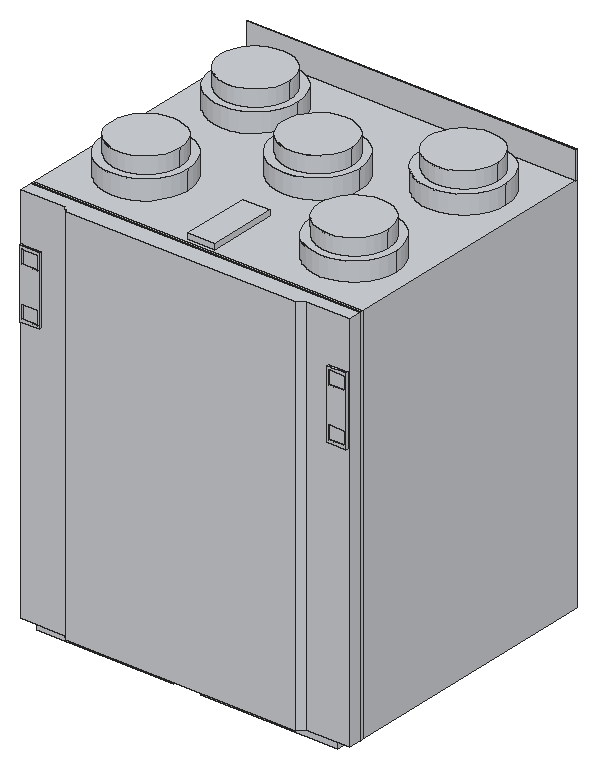
Revit family "210_bc885eab8c1d451289692ff2f2ae19", category Mechanical Equipment, Revit 2017
Family settings
  Round Connector Dimension = Use Diameter
  Part Type = Breaks Into
  Work Plane-Based = No
  Always vertical = Yes
  Cut with Voids When Loaded = No
  Shared = No
  Room Calculation Point = No
Parameters (values of type "Nordic S2 R_R (800112)")
  magiProductId = "bc885eab8c1d451289692ff2f2ae19"
  magiProductFamilyId = "bc885eab8c1d451289692ff2f2ae19"
  magiPartTypeId = 210
  fan_pressure_supply [instance] = 0.0 Pa
  fan_pressure_exhaust [instance] = 0.0 Pa
  fan_flow_supply [instance] = 0.0 L/s
  fan_flow_exhaust [instance] = 0.0 L/s
  ang2D [instance] = 0.00°
  YSUP = 370 mm
  YOUT = 370 mm
  YL = 508 mm
  YK = 215 mm
  YEXT = 120 mm
  YEXH = 120 mm
  XT = 50 mm
  XSUP = 110 mm
  XOUT = 490 mm
  XL = 250 mm
  XK = 300 mm
  XEXT = 110 mm
  XEXH = 490 mm
  W2 = 264 mm
  W0 = 518 mm
  W = 500 mm
  VersionID = "2.0/2018.8.28.1/FLEXIT_S3-S2-R_001"
  RC = 62.5 mm
  R1 = 77.5 mm
  R = 62.5 mm
  QmdConnectorList = "221;D;231;D;241;D;249;DC;251;D"
  Productdata [instance] = "© Progman Oy, all rights reserved"
  PValue [instance] = 100.0 Pa
  Manufacturer = "Flexit"
  Maintenance Zone Right Depth [instance] = 500 mm
  Maintenance Zone Over Depth [instance] = 500 mm
  MZONL__ve [instance] = -Maintenance Zone Left Depth  # -500 mm
  Maintenance Zone Left Depth [instance] = 500 mm
  MZONF__ve [instance] = -Maintenance Zone Front Depth  # -528 mm
  Maintenance Zone Front Depth [instance] = 528 mm
  Maintenance Zone Back Depth [instance] = 400 mm
  Maintenance Zone Top Visibility [instance] = no
  Maintenance Zone Right Visibility [instance] = no
  Maintenance Zone Left Visibility [instance] = no
  Maintenance Zone Back Visibility [instance] = no
  Maintenance Zone Front Visibility [instance] = no
  MC Ventilation Flow [instance] = 0.0 L/s
  MC Product Code = "Nordic S2 R_R (800112)"
  MC Piping Flow [instance] = 0.0 L/s
  MC Cooling Flow [instance] = 0.0 L/s
  LD = 35 mm
  L2 = 300 mm
  HD = 125 mm
  HB = 700 mm
  H = 777 mm
  Description = "Nordic S2 R_R (800112)"
  DW = 30 mm
  DL = 64 mm
  DH = 25 mm
  DC = 125 mm
  D = 125 mm
  Clearance Zone Right Depth [instance] = 500 mm
  Clearance Zone Left Depth [instance] = 500 mm
  Clearance Zone Height Depth [instance] = 500 mm
  Clearance Zone Front Depth = 500 mm
  Clearance Zone Back Depth [instance] = 500 mm
  Clearance Zone Visibility [instance] = no
Reference planes
  plane 1 "Center (Front/Back)": y = 0
  plane 2 "XYPLANE": z = 0
  plane 3 "Center (Left/Right)": x = 0
  plane 4 "336": z = 1277
  plane 5 "333": y = -154
  plane 6 "287": y = 262
  plane 7 "285": z = 518
  plane 8 "284": z = 608
  plane 9 "277": x = 280
  plane 10 "276": x = -280
  plane 11 "275": z = 563
  plane 12 "272": x = -300.2
  plane 13 "271": x = 300.2
  plane 14 "270": z = 12.8
  plane 15 "269": z = 713.2
  plane 16 "267": y = -224
  plane 17 "263": y = 5
  plane 18 "262": x = -150
  plane 19 "261": x = 150
  plane 20 "258": x = 220
  plane 21 "257": x = -220
  plane 22 "251": z = 713
  plane 23 "245": z = 13
  plane 24 "235": x = 210
  plane 25 "234": x = -210
  plane 26 "201": y = 49
  plane 27 "200": y = 144
  plane 28 "199": y = -106
  plane 29 "198": y = 144
  plane 30 "197": y = -106
  plane 31 "196": x = 0
  plane 32 "195": x = 190
  plane 33 "194": x = 190
  plane 34 "193": x = -190
  plane 35 "192": x = -190
  plane 36 "133": z = 0
  plane 37 "99": y = -254
  plane 38 "97": x = 300
  plane 39 "59": x = -800
  plane 40 "58": x = 800
  plane 41 "57": y = -764
  plane 42 "56": y = 764
  plane 43 "55": x = -300
  plane 44 "54": x = 300
  plane 45 "53": z = 777
  plane 46 "52": y = -264
  plane 47 "51": y = 264
  plane 48 "48": x = -300
  plane 49 "36": y = 264
  plane 50 "35": x = 0
Forms (mm)
  Blend 1, solid, visible <- "Clearance Zone Visibility"
    base sketch origin (-750, 0, 0) x (1, 0, 0) y (0, 1, 0)
      loop
        line (-50, 764) -> (-50, -764) -> (1550, -764) -> (1550, 764) -> (-50, 764)
    top sketch origin (-750, 0, 0) x (1, 0, 0) y (0, 1, 0)
      loop
        line (-50, 764) -> (-50, -764) -> (1550, -764) -> (1550, 764) -> (-50, 764)
    from 0 to 1277
  Extrusion 2, solid
    sketch origin (-750, 0, 713) x (1, 0, 0) y (0, 1, 0)
      loop
        line (775, -91.5) -> (725, -91.5) -> (725, -216.5) -> (775, -216.5) -> (775, -91.5)
    from 0 to 10
  Extrusion 3, solid
    sketch origin (-750, 0, 713) x (1, 0, 0) y (0, 1, 0)
      loop
        circle (750, 49) r 77.5
    from 0 to 35
  Extrusion 4, solid
    sketch origin (-750, 0, 713) x (1, 0, 0) y (0, 1, 0)
      loop
        circle (940, 144) r 77.5
    from 0 to 35
  Extrusion 5, solid
    sketch origin (-750, 0, 713) x (1, 0, 0) y (0, 1, 0)
      loop
        circle (940, -106) r 77.5
    from 0 to 35
  Extrusion 6, solid
    sketch origin (-750, 0, 713) x (1, 0, 0) y (0, 1, 0)
      loop
        circle (560, 144) r 77.5
    from 0 to 35
  Extrusion 7, solid
    sketch origin (-750, 0, 713) x (1, 0, 0) y (0, 1, 0)
      loop
        circle (560, -106) r 77.5
    from 0 to 35
  Extrusion 8, solid
    sketch origin (750, -254, 0) x (-1, 0, 0) y (0, 0, 1)
      loop
        line (455, 620.5) -> (455, 595.5) -> (485, 595.5) -> (485, 620.5) -> (455, 620.5)
    from 0 to -2
  Extrusion 9, solid
    sketch origin (750, -254, 0) x (-1, 0, 0) y (0, 0, 1)
      loop
        line (455, 530.5) -> (455, 505.5) -> (485, 505.5) -> (485, 530.5) -> (455, 530.5)
    from 0 to -2
  Extrusion 10, solid
    sketch origin (750, -254, 0) x (-1, 0, 0) y (0, 0, 1)
      loop
        line (1015, 620.5) -> (1015, 595.5) -> (1045, 595.5) -> (1045, 620.5) -> (1015, 620.5)
    from 0 to -2
  Extrusion 11, solid
    sketch origin (750, -254, 0) x (-1, 0, 0) y (0, 0, 1)
      loop
        line (1015, 530.5) -> (1015, 505.5) -> (1045, 505.5) -> (1045, 530.5) -> (1015, 530.5)
    from 0 to -2
  Extrusion 12, solid
    sketch origin (-750, 0, 713) x (1, 0, 0) y (0, 1, 0)
      loop
        line (450, 262) -> (1050, 262) -> (1050, 264) -> (450, 264) -> (450, 262)
    from 0 to 50
  Extrusion 13, solid
    sketch origin (750, -254, 0) x (-1, 0, 0) y (0, 0, 1)
      loop
        line (452.5, 625.5) -> (452.5, 500.5) -> (487.5, 500.5) -> (487.5, 625.5) -> (452.5, 625.5)
      loop
        line (455, 530.5) -> (455, 505.5) -> (485, 505.5) -> (485, 530.5) -> (455, 530.5)
      loop
        line (455, 620.5) -> (455, 595.5) -> (485, 595.5) -> (485, 620.5) -> (455, 620.5)
    from 0 to -4
  Extrusion 14, solid
    sketch origin (750, -254, 0) x (-1, 0, 0) y (0, 0, 1)
      loop
        line (1012.5, 625.5) -> (1012.5, 500.5) -> (1047.5, 500.5) -> (1047.5, 625.5) -> (1012.5, 625.5)
      loop
        line (1015, 620.5) -> (1015, 595.5) -> (1045, 595.5) -> (1045, 620.5) -> (1015, 620.5)
      loop
        line (1015, 530.5) -> (1015, 505.5) -> (1045, 505.5) -> (1045, 530.5) -> (1015, 530.5)
    from 0 to -4
  Extrusion 15, solid
    sketch origin (750, -224, 0) x (-1, 0, 0) y (0, 0, 1)
      loop
        line (1050.2, 12.8) -> (1050.2, 713.2) -> (449.8, 713.2) -> (449.8, 12.8) -> (1050.2, 12.8)
    from 0 to -5
  Extrusion 16, solid
    sketch origin (-750, 0, 0) x (1, 0, 0) y (0, 1, 0)
      loop
        line (1025, 259) -> (775, 259) -> (775, -249) -> (1025, -249) -> (1025, 259)
    from 0 to 13
  Extrusion 17, solid
    sketch origin (-750, 0, 0) x (1, 0, 0) y (0, 1, 0)
      loop
        line (725, 259) -> (475, 259) -> (475, -249) -> (725, -249) -> (725, 259)
    from 0 to 13
  Extrusion 18, solid
    sketch origin (-750, 0, 713) x (1, 0, 0) y (0, 1, 0)
      loop
        circle (750, 49) r 62.5
    from 0 to 64 <- "DL"
  Extrusion 19, solid
    sketch origin (-750, 0, 713) x (1, 0, 0) y (0, 1, 0)
      loop
        circle (560, 144) r 62.5
    from 0 to 64 <- "DL"
  Extrusion 20, solid
    sketch origin (-750, 0, 713) x (1, 0, 0) y (0, 1, 0)
      loop
        circle (940, 144) r 62.5
    from 0 to 64 <- "DL"
  Extrusion 21, solid
    sketch origin (-750, 0, 713) x (1, 0, 0) y (0, 1, 0)
      loop
        circle (940, -106) r 62.5
    from 0 to 64 <- "DL"
  Extrusion 22, solid
    sketch origin (-750, 0, 713) x (1, 0, 0) y (0, 1, 0)
      loop
        circle (560, -106) r 62.5
    from 0 to 64 <- "DL"
  Extrusion 23, solid
    sketch origin (-750, 0, 13) x (1, 0, 0) y (0, 1, 0)
      loop
        line (450, 264) -> (450, -254) -> (530, -254) -> (540, -264) -> (960, -264) -> (970, -254) -> (1050, -254) -> (1050, 264) -> (450, 264)
    from 0 to 700 <- "HB"
  Extrusion 24, solid, visible <- "Maintenance Zone Front Visibility"
    sketch origin (750, -264, 0) x (-1, 0, 0) y (0, 0, 1)
      loop
        line (1050, 777) -> (450, 777) -> (450, 0) -> (1050, 0) -> (1050, 777)
    from 0 to -528 <- "MZONF__ve"
  Extrusion 25, solid, visible <- "Maintenance Zone Back Visibility"
    sketch origin (750, 264, 0) x (-1, 0, 0) y (0, 0, 1)
      loop
        line (1050, 0) -> (1050, 777) -> (450, 777) -> (450, 0) -> (1050, 0)
    from 0 to 400 <- "Maintenance Zone Back Depth"
  Extrusion 26, solid, visible <- "Maintenance Zone Left Visibility"
    sketch origin (-300, -750, 0) x (0, 1, 0) y (0, 0, 1)
      loop
        line (1014, 777) -> (486, 777) -> (486, 0) -> (1014, 0) -> (1014, 777)
    from 0 to -500 <- "MZONL__ve"
  Extrusion 27, solid, visible <- "Maintenance Zone Right Visibility"
    sketch origin (300, -750, 0) x (0, 1, 0) y (0, 0, 1)
      loop
        line (1014, 777) -> (486, 777) -> (486, 0) -> (1014, 0) -> (1014, 777)
    from 0 to 500 <- "Maintenance Zone Right Depth"
  Extrusion 28, solid, visible <- "Maintenance Zone Top Visibility"
    sketch origin (-750, 0, 777) x (1, 0, 0) y (0, 1, 0)
      loop
        line (450, 264) -> (450, -264) -> (1050, -264) -> (1050, 264) -> (450, 264)
    from 0 to 500 <- "Maintenance Zone Over Depth"
  Extrusion 29, solid, not visible
    sketch origin (-750, 0, 713) x (1, 0, 0) y (0, 1, 0)
      loop
        circle (750, 49) r 10
    from 0 to -10
  Extrusion 30, solid, not visible
    sketch origin (-750, 0, 713) x (1, 0, 0) y (0, 1, 0)
      loop
        circle (940, -106) r 10
    from 0 to -10
  Extrusion 31, solid, not visible
    sketch origin (-750, 0, 713) x (1, 0, 0) y (0, 1, 0)
      loop
        circle (940, 144) r 10
    from 0 to -10
  Extrusion 32, solid, not visible
    sketch origin (-750, 0, 713) x (1, 0, 0) y (0, 1, 0)
      loop
        circle (560, 144) r 10
    from 0 to -10
  Extrusion 33, solid, not visible
    sketch origin (-750, 0, 713) x (1, 0, 0) y (0, 1, 0)
      loop
        circle (560, -106) r 10
    from 0 to -10
Lines and regions (mm)
  reference lines, not visible
    curve 1: circle (2, 2, 0) r 1 normal (0, 0, 1)
  reference lines
    curve 2: circle (0, -154, 713) r 1 normal (0, 0, 1)
    curve 3: circle (280, -254, 608) r 1 normal (0, -1, 0)
    curve 4: circle (280, -254, 518) r 1 normal (0, -1, 0)
    curve 5: circle (-280, -254, 608) r 1 normal (0, -1, 0)
    curve 6: circle (-280, -254, 518) r 1 normal (0, -1, 0)
    curve 7: circle (280, -254, 563) r 1 normal (0, -1, 0)
    curve 8: circle (280, -254, 518) r 1 normal (0, -1, 0)
    curve 9: circle (280, -254, 608) r 1 normal (0, -1, 0)
    curve 10: circle (-280, -254, 563) r 1 normal (0, -1, 0)
    curve 11: circle (-280, -254, 608) r 1 normal (0, -1, 0)
    curve 12: circle (-280, -254, 518) r 1 normal (0, -1, 0)
    curve 13: circle (150, 5, 0) r 1 normal (0, 0, 1)
    curve 14: circle (-150, 5, 0) r 1 normal (0, 0, 1)
Text (mm)
  text "© Progman Oy, all rights reserved" at (-472.209, -2482.653, 0), in view "Ref. Level"
Dimensions and locks
  plane 1 "Center (Front/Back)" to curve 1 = 2 mm
  "Clearance Zone Height Depth": plane 45 "53" to plane 4 "336"
  locked: plane 37 "99" to plane 5 "333" at 100
  locked: plane 49 "36" to plane 6 "287" at 2
  locked: plane 11 "275" to plane 7 "285" at 45
  locked: plane 11 "275" to plane 8 "284" at 45
  locked: plane 38 "97" to plane 9 "277" at 20
  locked: plane 48 "48" to plane 10 "276" at 20
  locked: plane 22 "251" to plane 11 "275" at 150
  locked: plane 48 "48" to plane 12 "272" at 0.2
  locked: plane 38 "97" to plane 13 "271" at 0.2
  locked: plane 23 "245" to plane 14 "270" at 0.2
  locked: plane 22 "251" to plane 15 "269" at 0.2
  locked: plane 49 "36" to plane 16 "267" at 488
  locked: plane 1 "Center (Front/Back)" to plane 17 "263" at 5
  locked: plane 3 "Center (Left/Right)" to plane 18 "262" at 150
  locked: plane 3 "Center (Left/Right)" to plane 19 "261" at 150
  locked: plane 38 "97" to plane 20 "258" at 80
  locked: plane 48 "48" to plane 21 "257" at 80
  "HB": plane 23 "245" to plane 22 "251"
  locked: plane 2 "XYPLANE" to plane 23 "245" at 13
  locked: plane 38 "97" to plane 24 "235" at 90
  locked: plane 48 "48" to plane 25 "234" at 90
  "YK": plane 49 "36" to plane 26 "201"
  "YEXH": plane 49 "36" to plane 27 "200"
  "YOUT": plane 49 "36" to plane 28 "199"
  "YEXT": plane 49 "36" to plane 29 "198"
  "YSUP": plane 49 "36" to plane 30 "197"
  "XK": plane 48 "48" to plane 31 "196"
  "XEXH": plane 48 "48" to plane 32 "195"
  "XOUT": plane 48 "48" to plane 33 "194"
  "XEXT": plane 48 "48" to plane 34 "193"
  "XSUP": plane 48 "48" to plane 35 "192"
  locked: plane 2 "XYPLANE" to plane 36 "133"
  "W0": plane 49 "36" to plane 37 "99"
  "L2": plane 3 "Center (Left/Right)" to plane 38 "97"
  "Clearance Zone Left Depth": plane 43 "55" to plane 39 "59"
  "Clearance Zone Right Depth": plane 44 "54" to plane 40 "58"
  "Clearance Zone Front Depth": plane 46 "52" to plane 41 "57"
  "Clearance Zone Back Depth": plane 47 "51" to plane 42 "56"
  "L2": plane 3 "Center (Left/Right)" to plane 43 "55"
  "L2": plane 3 "Center (Left/Right)" to plane 44 "54"
  "H": plane 2 "XYPLANE" to plane 45 "53"
  "W2": plane 1 "Center (Front/Back)" to plane 46 "52"
  "W2": plane 1 "Center (Front/Back)" to plane 47 "51"
  "L2": plane 3 "Center (Left/Right)" to plane 48 "48"
  "W2": plane 1 "Center (Front/Back)" to plane 49 "36"
  locked: plane 3 "Center (Left/Right)" to plane 50 "35"
  Blend 1 sketch curve to Blend 1 sketch curve = 0 mm  (x16)
  equal spacing: Extrusion 2 sketch curve, curve 2, Extrusion 2 sketch curve  (x2)
  "HD": Extrusion 2 sketch curve to Extrusion 2 sketch curve
  "XT": Extrusion 2 sketch curve to Extrusion 2 sketch curve
  Extrusion 2 sketch curve to Extrusion 2 sketch curve = 0 mm  (x8)
  equal spacing: Extrusion 8 sketch curve, curve 3, Extrusion 8 sketch curve  (x2)
  "DH": Extrusion 8 sketch curve to Extrusion 8 sketch curve
  "DW": Extrusion 8 sketch curve to Extrusion 8 sketch curve
  Extrusion 8 sketch curve to Extrusion 8 sketch curve = 0 mm  (x8)
  equal spacing: Extrusion 9 sketch curve, curve 4, Extrusion 9 sketch curve  (x2)
  "DH": Extrusion 9 sketch curve to Extrusion 9 sketch curve
  "DW": Extrusion 9 sketch curve to Extrusion 9 sketch curve
  Extrusion 9 sketch curve to Extrusion 9 sketch curve = 0 mm  (x8)
  equal spacing: Extrusion 10 sketch curve, curve 5, Extrusion 10 sketch curve  (x2)
  "DH": Extrusion 10 sketch curve to Extrusion 10 sketch curve
  "DW": Extrusion 10 sketch curve to Extrusion 10 sketch curve
  Extrusion 10 sketch curve to Extrusion 10 sketch curve = 0 mm  (x8)
  equal spacing: Extrusion 11 sketch curve, curve 6, Extrusion 11 sketch curve  (x2)
  "DH": Extrusion 11 sketch curve to Extrusion 11 sketch curve
  "DW": Extrusion 11 sketch curve to Extrusion 11 sketch curve
  Extrusion 11 sketch curve to Extrusion 11 sketch curve = 0 mm  (x8)
  Extrusion 12 sketch curve to Extrusion 12 sketch curve = 0 mm  (x8)
  equal spacing: Extrusion 13 sketch curve, curve 7, Extrusion 13 sketch curve  (x2)
  "HD": Extrusion 13 sketch curve to Extrusion 13 sketch curve
  "LD": Extrusion 13 sketch curve to Extrusion 13 sketch curve
  equal spacing: Extrusion 13 sketch curve, curve 8, Extrusion 13 sketch curve  (x2)
  "DH": Extrusion 13 sketch curve to Extrusion 13 sketch curve  (x2)
  "DW": Extrusion 13 sketch curve to Extrusion 13 sketch curve  (x2)
  equal spacing: Extrusion 13 sketch curve, curve 9, Extrusion 13 sketch curve  (x2)
  Extrusion 13 sketch curve to Extrusion 13 sketch curve = 0 mm  (x24)
  equal spacing: Extrusion 14 sketch curve, curve 10, Extrusion 14 sketch curve  (x2)
  "HD": Extrusion 14 sketch curve to Extrusion 14 sketch curve
  "LD": Extrusion 14 sketch curve to Extrusion 14 sketch curve
  equal spacing: Extrusion 14 sketch curve, curve 11, Extrusion 14 sketch curve  (x2)
  "DH": Extrusion 14 sketch curve to Extrusion 14 sketch curve  (x2)
  "DW": Extrusion 14 sketch curve to Extrusion 14 sketch curve  (x2)
  equal spacing: Extrusion 14 sketch curve, curve 12, Extrusion 14 sketch curve  (x2)
  Extrusion 14 sketch curve to Extrusion 14 sketch curve = 0 mm  (x24)
  Extrusion 15 sketch curve to Extrusion 15 sketch curve = 0 mm  (x8)
  equal spacing: Extrusion 16 sketch curve, curve 13, Extrusion 16 sketch curve  (x2)
  "YL": Extrusion 16 sketch curve to Extrusion 16 sketch curve
  "XL": Extrusion 16 sketch curve to Extrusion 16 sketch curve
  Extrusion 16 sketch curve to Extrusion 16 sketch curve = 0 mm  (x8)
  equal spacing: Extrusion 17 sketch curve, curve 14, Extrusion 17 sketch curve  (x2)
  "YL": Extrusion 17 sketch curve to Extrusion 17 sketch curve
  "XL": Extrusion 17 sketch curve to Extrusion 17 sketch curve
  Extrusion 17 sketch curve to Extrusion 17 sketch curve = 0 mm  (x8)
  Extrusion 23 sketch curve to Extrusion 23 sketch curve = 0 mm  (x16)
  Extrusion 24 sketch curve to Extrusion 24 sketch curve = 0 mm  (x8)
  Extrusion 25 sketch curve to Extrusion 25 sketch curve = 0 mm  (x8)
  Extrusion 26 sketch curve to Extrusion 26 sketch curve = 0 mm  (x8)
  Extrusion 27 sketch curve to Extrusion 27 sketch curve = 0 mm  (x8)
  Extrusion 28 sketch curve to Extrusion 28 sketch curve = 0 mm  (x8)
  "R1": radius of Extrusion 3 sketch curve
  "R1": radius of Extrusion 4 sketch curve
  "R1": radius of Extrusion 5 sketch curve
  "R1": radius of Extrusion 6 sketch curve
  "R1": radius of Extrusion 7 sketch curve
  "RC": radius of Extrusion 18 sketch curve
  "R": radius of Extrusion 19 sketch curve
  "R": radius of Extrusion 20 sketch curve
  "R": radius of Extrusion 21 sketch curve
  "R": radius of Extrusion 22 sketch curve
  aligned and locked: level to plane 2 "XYPLANE"
  aligned and locked: Blend 1 sketch curve to plane 39 "59"  (x4)
  aligned and locked: plane 42 "56" to Blend 1 sketch curve  (x2)
  aligned and locked: plane 41 "57" to Blend 1 sketch curve  (x2)
  aligned and locked: Blend 1 sketch curve to plane 40 "58"  (x2)
  aligned and locked: Blend 1 sketch curve to plane 41 "57"  (x2)
  aligned and locked: Blend 1 sketch curve to plane 42 "56"  (x2)
  aligned and locked: plane 40 "58" to Blend 1 sketch curve  (x2)
  aligned and locked: Blend 1 to plane 4 "336"
  aligned and locked: plane 5 "333" to curve 2
  aligned and locked: plane 50 "35" to curve 2
  aligned and locked: plane 26 "201" to Extrusion 3 sketch curve
  aligned and locked: plane 31 "196" to Extrusion 3 sketch curve
  aligned and locked: plane 27 "200" to Extrusion 4 sketch curve
  aligned and locked: plane 32 "195" to Extrusion 4 sketch curve
  aligned and locked: plane 28 "199" to Extrusion 5 sketch curve
  aligned and locked: plane 33 "194" to Extrusion 5 sketch curve
  aligned and locked: plane 29 "198" to Extrusion 6 sketch curve
  aligned and locked: plane 34 "193" to Extrusion 6 sketch curve
  aligned and locked: plane 30 "197" to Extrusion 7 sketch curve
  aligned and locked: plane 35 "192" to Extrusion 7 sketch curve
  aligned and locked: plane 8 "284" to curve 3
  aligned and locked: plane 9 "277" to curve 3
  aligned and locked: plane 7 "285" to curve 4
  aligned and locked: plane 9 "277" to curve 4
  aligned and locked: plane 8 "284" to curve 5
  aligned and locked: plane 10 "276" to curve 5
  aligned and locked: plane 7 "285" to curve 6
  aligned and locked: plane 10 "276" to curve 6
  aligned and locked: plane 48 "48" to Extrusion 12 sketch curve  (x2)
  aligned and locked: plane 6 "287" to Extrusion 12 sketch curve  (x2)
  aligned and locked: plane 49 "36" to Extrusion 12 sketch curve  (x2)
  aligned and locked: plane 38 "97" to Extrusion 12 sketch curve  (x2)
  aligned and locked: plane 9 "277" to curve 7
  aligned and locked: plane 11 "275" to curve 7
  aligned and locked: plane 7 "285" to curve 8
  aligned and locked: plane 9 "277" to curve 8
  aligned and locked: plane 8 "284" to curve 9
  aligned and locked: plane 9 "277" to curve 9
  aligned and locked: plane 10 "276" to curve 10
  aligned and locked: plane 11 "275" to curve 10
  aligned and locked: plane 8 "284" to curve 11
  aligned and locked: plane 10 "276" to curve 11
  aligned and locked: plane 7 "285" to curve 12
  aligned and locked: plane 10 "276" to curve 12
  aligned and locked: Extrusion 15 sketch curve to plane 12 "272"
  aligned and locked: plane 14 "270" to Extrusion 15 sketch curve
  aligned and locked: plane 15 "269" to Extrusion 15 sketch curve  (x2)
  aligned and locked: plane 12 "272" to Extrusion 15 sketch curve
  aligned and locked: plane 13 "271" to Extrusion 15 sketch curve  (x2)
  aligned and locked: Extrusion 15 sketch curve to plane 14 "270"
  aligned and locked: plane 17 "263" to curve 13
  aligned and locked: plane 19 "261" to curve 13
  aligned and locked: plane 17 "263" to curve 14
  aligned and locked: plane 18 "262" to curve 14
  aligned and locked: plane 26 "201" to Extrusion 18 sketch curve
  aligned and locked: plane 31 "196" to Extrusion 18 sketch curve
  aligned and locked: plane 29 "198" to Extrusion 19 sketch curve
  aligned and locked: plane 34 "193" to Extrusion 19 sketch curve
  aligned and locked: plane 27 "200" to Extrusion 20 sketch curve
  aligned and locked: plane 32 "195" to Extrusion 20 sketch curve
  aligned and locked: plane 28 "199" to Extrusion 21 sketch curve
  aligned and locked: plane 33 "194" to Extrusion 21 sketch curve
  aligned and locked: plane 30 "197" to Extrusion 22 sketch curve
  aligned and locked: plane 35 "192" to Extrusion 22 sketch curve
  aligned and locked: Extrusion 23 sketch curve to plane 49 "36"
  aligned and locked: plane 48 "48" to Extrusion 23 sketch curve  (x2)
  aligned and locked: plane 38 "97" to Extrusion 23 sketch curve  (x2)
  aligned and locked: plane 49 "36" to Extrusion 23 sketch curve
  aligned and locked: plane 37 "99" to Extrusion 23 sketch curve  (x4)
  aligned and locked: plane 20 "258" to Extrusion 23 sketch curve
  aligned and locked: plane 24 "235" to Extrusion 23 sketch curve
  aligned and locked: plane 46 "52" to Extrusion 23 sketch curve  (x2)
  aligned and locked: plane 25 "234" to Extrusion 23 sketch curve
  aligned and locked: plane 21 "257" to Extrusion 23 sketch curve
  aligned and locked: plane 45 "53" to Extrusion 24 sketch curve  (x2)
  aligned and locked: plane 43 "55" to Extrusion 24 sketch curve  (x2)
  aligned and locked: plane 44 "54" to Extrusion 24 sketch curve  (x2)
  aligned and locked: plane 36 "133" to Extrusion 24 sketch curve  (x2)
  aligned and locked: plane 36 "133" to Extrusion 25 sketch curve  (x2)
  aligned and locked: plane 43 "55" to Extrusion 25 sketch curve  (x2)
  aligned and locked: plane 44 "54" to Extrusion 25 sketch curve  (x2)
  aligned and locked: plane 45 "53" to Extrusion 25 sketch curve  (x2)
  aligned and locked: plane 45 "53" to Extrusion 26 sketch curve  (x2)
  aligned and locked: plane 47 "51" to Extrusion 26 sketch curve
  aligned and locked: plane 46 "52" to Extrusion 26 sketch curve
  aligned and locked: plane 36 "133" to Extrusion 26 sketch curve  (x2)
  aligned and locked: Extrusion 26 sketch curve to plane 46 "52"
  aligned and locked: Extrusion 26 sketch curve to plane 47 "51"
  aligned and locked: plane 45 "53" to Extrusion 27 sketch curve  (x2)
  aligned and locked: plane 47 "51" to Extrusion 27 sketch curve
  aligned and locked: plane 46 "52" to Extrusion 27 sketch curve
  aligned and locked: plane 36 "133" to Extrusion 27 sketch curve  (x2)
  aligned and locked: Extrusion 27 sketch curve to plane 46 "52"
  aligned and locked: Extrusion 27 sketch curve to plane 47 "51"
  aligned and locked: Extrusion 28 sketch curve to plane 43 "55"
  aligned and locked: plane 47 "51" to Extrusion 28 sketch curve  (x2)
  aligned and locked: plane 46 "52" to Extrusion 28 sketch curve  (x2)
  aligned and locked: plane 43 "55" to Extrusion 28 sketch curve
  aligned and locked: plane 44 "54" to Extrusion 28 sketch curve  (x2)
  aligned and locked: plane 26 "201" to Extrusion 29 sketch curve
  aligned and locked: plane 31 "196" to Extrusion 29 sketch curve
  aligned and locked: plane 28 "199" to Extrusion 30 sketch curve
  aligned and locked: plane 33 "194" to Extrusion 30 sketch curve
  aligned and locked: plane 27 "200" to Extrusion 31 sketch curve
  aligned and locked: plane 32 "195" to Extrusion 31 sketch curve
  aligned and locked: plane 29 "198" to Extrusion 32 sketch curve
  aligned and locked: plane 34 "193" to Extrusion 32 sketch curve
  aligned and locked: plane 30 "197" to Extrusion 33 sketch curve
  aligned and locked: plane 35 "192" to Extrusion 33 sketch curve
Automatic sketch dimensions
  Extrusion 29 sketch curve to Extrusion 29 sketch curve = 10 mm
  Extrusion 30 sketch curve to plane 28 "199" = 10 mm
  Extrusion 31 sketch curve to plane 27 "200" = 10 mm
  Extrusion 32 sketch curve to plane 27 "200" = 10 mm
  Extrusion 33 sketch curve to plane 28 "199" = 10 mm
  plane 3 "Center (Left/Right)" to curve 1 = 2 mm
  Extrusion 2 sketch curve to plane 3 "Center (Left/Right)" = 25 mm
  plane 16 "267" to Extrusion 2 sketch curve = 7.5 mm
  Extrusion 8 sketch curve to plane 38 "97" = 5 mm
  Extrusion 8 sketch curve to plane 8 "284" = 12.5 mm
  Extrusion 9 sketch curve to plane 38 "97" = 5 mm
  Extrusion 9 sketch curve to plane 7 "285" = 12.5 mm
  plane 10 "276" to Extrusion 10 sketch curve = 15 mm
  Extrusion 10 sketch curve to plane 8 "284" = 12.5 mm
  plane 10 "276" to Extrusion 11 sketch curve = 15 mm
  Extrusion 11 sketch curve to plane 7 "285" = 12.5 mm
  Extrusion 13 sketch curve to plane 38 "97" = 2.5 mm
  Extrusion 13 sketch curve to plane 38 "97" = 5 mm  (x2)
  Extrusion 13 sketch curve to plane 7 "285" = 17.5 mm
  Extrusion 13 sketch curve to Extrusion 13 sketch curve = 5 mm
  Extrusion 13 sketch curve to plane 8 "284" = 12.5 mm
  plane 10 "276" to Extrusion 14 sketch curve = 17.5 mm
  Extrusion 14 sketch curve to Extrusion 14 sketch curve = 2.5 mm
  plane 10 "276" to Extrusion 14 sketch curve = 15 mm
  Extrusion 14 sketch curve to plane 7 "285" = 17.5 mm
  Extrusion 14 sketch curve to Extrusion 14 sketch curve = 5 mm
  Extrusion 14 sketch curve to plane 8 "284" = 12.5 mm
  Extrusion 16 sketch curve to plane 6 "287" = 3 mm
  plane 3 "Center (Left/Right)" to Extrusion 16 sketch curve = 25 mm
  plane 10 "276" to Extrusion 17 sketch curve = 5 mm
  plane 37 "99" to Extrusion 17 sketch curve = 5 mm
  radius of curve 2 = 1 mm
  radius of curve 3 = 1 mm
  radius of curve 4 = 1 mm
  radius of curve 5 = 1 mm
  radius of curve 6 = 1 mm
  radius of curve 7 = 1 mm
  radius of curve 8 = 1 mm
  radius of curve 9 = 1 mm
  radius of curve 10 = 1 mm
  radius of curve 11 = 1 mm
  radius of curve 12 = 1 mm
  radius of curve 13 = 1 mm
  radius of curve 14 = 1 mm
  radius of curve 1 = 1 mm
Connectors
  hvac at (-190, -106, 713), driven by "D"
    settings: on Extrusion 33, index 1, duct flow 0.0 L/s, flow factor 0, pres drop 0.0 Pa, loss coef 0, conn angle 0.00°, conn width 304.8 mm, conn height 304.8 mm, conn diameter 125 mm, duct sys type 1, conn prof type 0, flow config 0, flow direction 2, loss method 0, conn ref index -1, conn util no, is conn primary yes, conn desc ""
  hvac at (190, -106, 713), driven by "D"
    settings: on Extrusion 30, index 2, duct flow 0.0 L/s, flow factor 0, pres drop 0.0 Pa, loss coef 0, conn angle 0.00°, conn width 304.8 mm, conn height 304.8 mm, conn diameter 125 mm, duct sys type 1, conn prof type 0, flow config 0, flow direction 1, loss method 0, conn ref index -1, conn util no, is conn primary no, conn desc ""
  hvac at (-190, 144, 713), driven by "D"
    settings: on Extrusion 32, index 3, duct flow 0.0 L/s, flow factor 0, pres drop 0.0 Pa, loss coef 0, conn angle 0.00°, conn width 304.8 mm, conn height 304.8 mm, conn diameter 125 mm, duct sys type 2, conn prof type 0, flow config 0, flow direction 1, loss method 0, conn ref index -1, conn util no, is conn primary no, conn desc ""
  hvac at (0, 49, 713), driven by "DC"
    settings: on Extrusion 29, index 4, duct flow 0.0 L/s, flow factor 0, pres drop 0.0 Pa, loss coef 0, conn angle 0.00°, conn width 304.8 mm, conn height 304.8 mm, conn diameter 125 mm, duct sys type 2, conn prof type 0, flow config 0, flow direction 1, loss method 0, conn ref index -1, conn util no, is conn primary no, conn desc ""
  hvac at (190, 144, 713), driven by "D"
    settings: on Extrusion 31, index 5, duct flow 0.0 L/s, flow factor 0, pres drop 0.0 Pa, loss coef 0, conn angle 0.00°, conn width 304.8 mm, conn height 304.8 mm, conn diameter 125 mm, duct sys type 3, conn prof type 0, flow config 0, flow direction 2, loss method 0, conn ref index -1, conn util no, is conn primary no, conn desc ""
